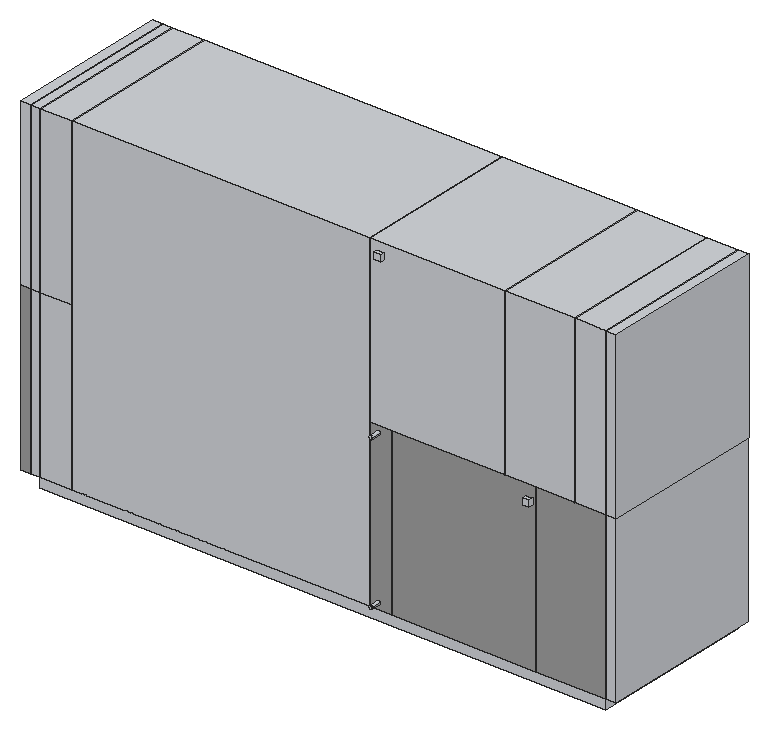
Revit family "Приточно-вытяжная система с рециркуляцией с пластинчатым рекуператор с водяным нагревом ", category Оборудование, Revit 2021
Family settings
  Размер круглого соединителя = Использовать диаметр
  Классификация = Нет
  Тип детали = Нормальный
  На основе рабочей плоскости = Нет
  Всегда вертикально = Да
  При загрузке вырезать с полостями = Нет
  Общий = Нет
  Точка принадлежности помещению = Нет
Parameters (values of type "13B")
  Ширина ГВ = ADSK_Размер_Ширина  # 2040 mm
  Сторона обслуживания [instance] = "Справа"
  Слив конденсата [instance] = 0 mm
  Подключение нагревателя G [instance] = 40 mm
  Подключение испарителя K [instance] = 0 mm
  Подключение испарителя E [instance] = 0 mm
  Отметка по умолчанию = 0 mm
  Мощность двигателя приточка [instance] = 11.0 kW
  Мощность двигателя вытяжка [instance] = 7.5 kW
  Длина секции пластинчатого рекуператора RX [instance] = 3680 mm
  Длина секции испарителя CF [instance] = 0 mm
  Длина секции вентилятора FA2 [instance] = 1775 mm
  Длина гибкой встаки = 125 mm
  Длина секции шумоглушения SL [instance] = 862 mm
  Длина секции нагревателя HW [instance] = 281 mm
  Длина клапана FC = 120 mm
  Длина секции вентилятора FA [instance] = 1675 mm
  Длина секции фильтра F [instance] = 390 mm
  Высота рамы = 120 mm
  Высота ГВ = ADSK_Размер_Высота  # 2040 mm
  ADSK_Частота вращения двигателя [instance] = 1465
  ADSK_Тип воздушного фильтра [instance] = "G3"
  ADSK_Свободный напор воздуха = 400.0 Pa
  ADSK_Расход теплоносителя [instance] = 0.69 m³/h
  ADSK_Расход воздуха приточный [instance] = 21000.0 m³/h
  ADSK_Расход воздуха вытяжной [instance] = 21000.0 m³/h
  ADSK_Размер_Ширина = 2040 mm
  ADSK_Размер_Высота = 2040 mm
  ADSK_Обозначение [instance] = "ПВ9.13"
  ADSK_Напряжение = 380 V
  ADSK_Наименование краткое [instance] = "13B"
  ADSK_Масса [instance] = 3522
Types (16, lengths in mm): name | Ширина ГВ | Подключение нагревателя G | Мощность двигателя приточка | Мощность двигателя вытяжка | Длина секции пластинчатого рекуператора RX | Длина секции вентилятора FA2 | Длина секции шумоглушения SL | Длина секции нагревателя HW | Длина секции вентилятора FA | Высота ГВ | ADSK_Частота вращения двигателя | ADSK_Расход теплоносителя | ADSK_Расход воздуха приточный | ADSK_Расход воздуха вытяжной | ADSK_Размер_Ширина | ADSK_Размер_Высота | ADSK_Обозначение | ADSK_Наименование краткое | ADSK_Масса
  1А | 850 | 20 | 0.55 kW | 0.55 kW | 1010 | 690 | 825 | 240 | 690 | 440 | 2835 | 0.31 m³/h | 1200.0 m³/h | 1200.0 m³/h | 850 | 440 | "ПВ9.1" | "1А" | 435
  2А | 980 | 20 | 0.75 kW | 0.75 kW | 1160 | 690 | 825 | 240 | 690 | 505 | 2805 | 0.37 m³/h | 2500.0 m³/h | 2500.0 m³/h | 980 | 505 | "ПВ9.2" | "2A" | 536
  16B | 2580 | 40 | 15.0 kW | 15.0 kW | 3680 | 1990 | 862 | 281 | 1990 | 2580 | 1460 | 1.0 m³/h | 31000.0 m³/h | 31000.0 m³/h | 2580 | 2580 | "ПВ9.16" | "16B" | 4548
  3A | 1080 | 20 | 1.1 kW | 1.1 kW | 1370 | 740 | 825 | 240 | 740 | 695 | 2830 | 0.66 m³/h | 3500.0 m³/h | 3500.0 m³/h | 1080 | 695 | "ПВ9.3" | "3А" | 658
  4A | 1360 | 20 | 2.2 kW | 2.2 kW | 1370 | 820 | 825 | 240 | 820 | 695 | 2880 | 0.85 m³/h | 4500.0 m³/h | 4500.0 m³/h | 1360 | 695 | "ПВ9.4" | "4A" | 765
  5A | 1360 | 20 | 2.2 kW | 2.2 kW | 1510 | 820 | 825 | 240 | 820 | 803 | 2880 | 0.41 m³/h | 5500.0 m³/h | 5500.0 m³/h | 1360 | 803 | "ПВ9.5" | "5A" | 896
  6A | 1580 | 20 | 3.0 kW | 3.0 kW | 1720 | 850 | 825 | 240 | 850 | 803 | 2905 | 0.78 m³/h | 6500.0 m³/h | 6500.0 m³/h | 1580 | 803 | "ПВ9.6" | "6A" | 1017
  7A | 1580 | 20 | 4.0 kW | 4.0 kW | 1720 | 900 | 825 | 240 | 900 | 990 | 2945 | 0.88 m³/h | 7500.0 m³/h | 7500.0 m³/h | 1580 | 990 | "ПВ9.7" | "7A" | 1147
  8A | 1950 | 20 | 4.0 kW | 4.0 kW | 1720 | 1250 | 825 | 240 | 1250 | 990 | 2945 | 1.02 m³/h | 8500.0 m³/h | 8500.0 m³/h | 1950 | 990 | "ПВ9.8" | "8A" | 1354
  9A | 2160 | 20 | 4.0 kW | 4.0 kW | 2010 | 1275 | 825 | 240 | 1275 | 1095 | 1460 | 0.33 m³/h | 10000.0 m³/h | 10000.0 m³/h | 2160 | 1095 | "ПВ9.9" | "9A" | 1760
  10B | 2040 | 25 | 5.5 kW | 5.5 kW | 2755 | 1635 | 862 | 280 | 1635 | 1360 | 1465 | 0.8 m³/h | 15000.0 m³/h | 15000.0 m³/h | 2040 | 1360 | "ПВ9.10" | "10B" | 2428
  12B | 2040 | 25 | 7.5 kW | 7.5 kW | 3680 | 1635 | 862 | 280 | 1635 | 1680 | 1465 | 0.53 m³/h | 19000.0 m³/h | 19000.0 m³/h | 2040 | 1680 | "ПВ9.12" | "12B" | 3090
  11B | 2580 | 25 | 5.5 kW | 5.5 kW | 2755 | 1635 | 862 | 280 | 1635 | 1360 | 1465 | 0.87 m³/h | 17000.0 m³/h | 17000.0 m³/h | 2580 | 1360 | "ПВ9.11" | "11B" | 2787
  13B | 2040 | 40 | 11.0 kW | 7.5 kW | 3680 | 1775 | 862 | 281 | 1675 | 2040 | 1465 | 0.69 m³/h | 21000.0 m³/h | 21000.0 m³/h | 2040 | 2040 | "ПВ9.13" | "13B" | 3522
  14B | 2580 | 32 | 11.0 kW | 11.0 kW | 3680 | 1945 | 862 | 280 | 1945 | 1680 | 1470 | 1.26 m³/h | 24000.0 m³/h | 24000.0 m³/h | 2580 | 1680 | "ПВ9.14" | "14B" | 3539
  15B | 2580 | 32 | 15.0 kW | 15.0 kW | 3680 | 1945 | 862 | 280 | 1945 | 2040 | 1460 | 0.89 m³/h | 27000.0 m³/h | 27000.0 m³/h | 2580 | 2040 | "ПВ9.15" | "15B" | 4127
Reference planes
  plane 1 "По центру (Вперед/Назад)": y = 0
  plane 2: z = -120
  plane 3 "По центру (Влево/Вправо)": x = 0
  plane 4 "Ширина": y = -2040
  plane 5: x = 4315
  plane 6 "Высота": z = 1920
  plane 7: x = 4596
  plane 8: x = 6371
  plane 9: x = 7233
  plane 10: x = 125
  plane 11: x = 0
  plane 12: x = 7233
  plane 13: z = -120
  plane 14: z = -120
  plane 15: x = 7358
  plane 16: x = 125
  plane 17 "клапан": x = 245
  plane 18 "Рама": z = -240
  plane 19: z = 3960
  plane 20: x = 5990
  plane 21: x = 6852
  plane 22: x = 7242
  plane 23: x = 4315
  plane 24: x = 7367
  plane 25: x = 635
Forms (mm)
  Extrusion 1, solid, material "По умолчанию"
    sketch origin (790, 0, 0) x (1, 0, 0) y (0, 0, 1)
      loop
        line (3525, -120) -> (3806, -120) -> (3806, 1920) -> (3525, 1920) -> (3525, -120)
    from 0 to 2040 <- "ADSK_Размер_Ширина"
  Extrusion 2, solid, material "По умолчанию"
    sketch origin (1310, 0, 0) x (1, 0, 0) y (0, 0, 1)
      loop
        line (3286, -120) -> (5061, -120) -> (5061, 1920) -> (3286, 1920) -> (3286, -120)
    from 0 to 2040 <- "ADSK_Размер_Ширина"
  Extrusion 3, solid, material "По умолчанию"
    sketch origin (1970, 0, 0) x (1, 0, 0) y (0, 0, 1)
      loop
        line (4401, -120) -> (5263, -120) -> (5263, 1920) -> (4401, 1920) -> (4401, -120)
    from 0 to 2040 <- "ADSK_Размер_Ширина"
  Extrusion 4, solid, material "По умолчанию"
    sketch origin (-570, 0, 0) x (1, 0, 0) y (0, 0, 1)
      loop
        line (695, 1920) -> (570, 1920) -> (570, -120) -> (695, -120) -> (695, 1920)
    from 0 to 2040 <- "Ширина ГВ"
  Extrusion 5, solid
    sketch origin (1010, -2040, 0) x (1, 0, 0) y (0, 0, 1)
      loop
        circle (3420, -40) r 20
      loop
        circle (3420, 1840) r 20
    from 0 to 120
  Extrusion 6, solid
    sketch origin (1300, -850, 0) x (1, 0, 0) y (0, 0, 1)
      loop
        line (4949.169, 1785) -> (4949.169, 1705) -> (5029.169, 1705) -> (5029.169, 1785) -> (4949.169, 1785)
    from 1190 to 1240
  Extrusion 7, solid
    sketch origin (400, 0, 0) x (1, 0, 0) y (0, 0, 1)
      loop
        line (6958, -120) -> (6958, 1920) -> (6833, 1920) -> (6833, -120) -> (6958, -120)
    from 0 to 2040 <- "Ширина ГВ"
  Extrusion 8, solid
    sketch origin (0, -2040, 0) x (-1, 0, 0) y (0, 0, 1)
      loop
        line (-125, -120) -> (-125, 1920) -> (-245, 1920) -> (-245, -120) -> (-125, -120)
    from 0 to 2040 <- "ADSK_Размер_Ширина"
  Extrusion 9, solid
    sketch origin (0, 0, 0) x (1, 0, 0) y (0, 0, 1)
      loop
        line (245, -240) -> (7233, -240) -> (7233, -120) -> (245, -120) -> (245, -240)
    from 0 to 2040 <- "ADSK_Размер_Ширина"
  Extrusion 10, solid
    sketch origin (0, 0, 0) x (1, 0, 0) y (0, 0, 1)
      loop
        line (0, 3960) -> (0, 1920) -> (125, 1920) -> (125, 3960) -> (0, 3960)
    from 0 to 2040 <- "ADSK_Размер_Ширина"
  Extrusion 11, solid
    sketch origin (0, 0, 0) x (1, 0, 0) y (0, 0, 1)
      loop
        line (125, 3960) -> (125, 1920) -> (245, 1920) -> (245, 3960) -> (125, 3960)
    from 0 to 2040 <- "ADSK_Размер_Ширина"
  Extrusion 12, solid
    sketch origin (400, 0, 0) x (1, 0, 0) y (0, 0, 1)
      loop
        line (3915, 3960) -> (3915, 1920) -> (5590, 1920) -> (5590, 3960) -> (3915, 3960)
    from 0 to 2040 <- "ADSK_Размер_Ширина"
  Extrusion 13, solid
    sketch origin (0, 0, 0) x (1, 0, 0) y (0, 0, 1)
      loop
        line (635, -120) -> (4315, -120) -> (4315, 3960) -> (635, 3960) -> (635, -120)
    from 0 to 2040 <- "ADSK_Размер_Ширина"
  Extrusion 14, solid
    sketch origin (0, 0, 0) x (1, 0, 0) y (0, 0, 1)
      loop
        line (5990, 3960) -> (5990, 1920) -> (6852, 1920) -> (6852, 3960) -> (5990, 3960)
    from 0 to 2040 <- "ADSK_Размер_Ширина"
  Extrusion 15, solid
    sketch origin (0, 0, 0) x (1, 0, 0) y (0, 0, 1)
      loop
        line (6852, 3960) -> (6852, 1920) -> (7242, 1920) -> (7242, 3960) -> (6852, 3960)
    from 0 to 2040 <- "ADSK_Размер_Ширина"
  Extrusion 16, solid
    sketch origin (0, 0, 0) x (1, 0, 0) y (0, 0, 1)
      loop
        line (7242, 3960) -> (7242, 1920) -> (7367, 1920) -> (7367, 3960) -> (7242, 3960)
    from 0 to 2040 <- "ADSK_Размер_Ширина"
  Extrusion 17, solid
    sketch origin (588.065, -850, 517.251) x (1, 0, 0) y (0, 0, 1)
      loop
        line (3826.935, 3342.749) -> (3826.935, 3262.749) -> (3906.935, 3262.749) -> (3906.935, 3342.749) -> (3826.935, 3342.749)
    from 0 to 1240
  Extrusion 18, solid
    sketch origin (0, 0, 0) x (1, 0, 0) y (0, 0, 1)
      loop
        line (245, 1920) -> (245, -120) -> (635, -120) -> (635, 1920) -> (245, 1920)
    from 0 to 2040 <- "ADSK_Размер_Ширина"
  Extrusion 19, solid
    sketch origin (0, 0, 0) x (1, 0, 0) y (0, 0, 1)
      loop
        line (245, 3960) -> (245, 1920) -> (635, 1920) -> (635, 3960) -> (245, 3960)
    from 0 to 2040 <- "ADSK_Размер_Ширина"
Dimensions and locks
  "ADSK_Размер_Высота": level to plane 6 "Высота"
  "Длина секции нагревателя HW": plane 7 to plane 5
  "Длина секции вентилятора FA2": plane 8 to plane 7
  "Длина секции шумоглушения SL": plane 9 to plane 8
  Extrusion 2 sketch curve to Extrusion 2 sketch curve = 2040 mm
  "ADSK_Размер_Ширина": plane 1 "По центру (Вперед/Назад)" to plane 4 "Ширина"
  "Длина гибкой встаки": plane 10 to plane 11
  locked: plane 6 "Высота" to Extrusion 5 sketch curve at 80
  locked: Extrusion 5 sketch curve to level at 80
  equal spacing: plane 7, Extrusion 5 sketch curve, plane 5  (x2)
  locked: Extrusion 6 sketch curve to Extrusion 6 sketch curve at 80  (x2)
  locked: plane 6 "Высота" to Extrusion 6 sketch curve at 135
  plane 8 to Extrusion 6 sketch curve = 41.831 mm
  locked: plane 4 "Ширина" to Extrusion 6 at 50
  "Высота ГВ": Extrusion 4 sketch curve to Extrusion 4 sketch curve
  "Длина гибкой встаки": plane 15 to plane 12
  "Высота ГВ": Extrusion 7 sketch curve to Extrusion 7 sketch curve
  Extrusion 7 sketch curve to level = 0 mm
  "Длина клапана FC": plane 17 "клапан" to plane 16
  Extrusion 4 to Extrusion 8 to Extrusion 8 to Extrusion 18 to Extrusion 1 to Extrusion 2 to Extrusion 3 to Extrusion 7 to Extrusion 7 = 125 mm, 120 mm, 390 mm, 3680 mm, 281 mm, 1775 mm, 862 mm, 125 mm
  "ADSK_Размер_Высота": plane 19 to plane 6 "Высота"
  "Длина секции пластинчатого рекуператора RX": plane 23 to plane 25
  "Длина секции вентилятора FA": plane 20 to plane 23
  "Длина секции шумоглушения SL": plane 21 to plane 20
  "Длина секции фильтра F": plane 22 to plane 21
  "Длина гибкой встаки": plane 24 to plane 22
  Extrusion 10 to Extrusion 11 = 125 mm
  Extrusion 11 to Extrusion 19 to Extrusion 13 = 120 mm, 390 mm
  Extrusion 13 to Extrusion 13 = 3680 mm
  Extrusion 13 to Extrusion 14 = 1675 mm
  Extrusion 14 to Extrusion 15 = 862 mm
  Extrusion 15 to Extrusion 16 = 390 mm
  Extrusion 16 to Extrusion 16 = 125 mm
  locked: Extrusion 17 sketch curve to Extrusion 17 sketch curve at 80  (x2)
  plane 19 to Extrusion 17 sketch curve = 100 mm
  Extrusion 17 sketch curve to plane 23 = 100 mm
  "Длина секции фильтра F": plane 25 to plane 17 "клапан"
  Extrusion 9 to Extrusion 9 = 2040 mm
  Extrusion 16 to Extrusion 16 = 2040 mm
  Extrusion 16 to Extrusion 7 = 2040 mm
  Extrusion 16 to Extrusion 7 = 4080 mm
  "Подключение нагревателя G": diameter of Extrusion 5 sketch curve  (x2)
  aligned and locked: level to plane 2
  aligned and locked: plane 7 to Extrusion 1
  aligned and locked: plane 8 to Extrusion 2
  aligned and locked: plane 9 to Extrusion 3
  aligned and locked: Extrusion 2 to plane 7
  aligned and locked: Extrusion 3 to plane 8
  aligned and locked: level to Extrusion 1
  aligned and locked: level to Extrusion 2
  aligned and locked: level to Extrusion 3
  aligned and locked: Extrusion 6 to plane 4 "Ширина"
  aligned and locked: plane 10 to Extrusion 4 sketch curve
  aligned and locked: Extrusion 4 sketch curve to plane 11
  aligned and locked: Extrusion 7 sketch curve to plane 15
  aligned and locked: plane 12 to Extrusion 7 sketch curve
  aligned and locked: level to Extrusion 4 sketch curve
  aligned and locked: plane 9 to plane 12
  aligned and locked: Extrusion 4 to Extrusion 8 sketch curve
  aligned and locked: Extrusion 8 sketch curve to Extrusion 4
  aligned and locked: Extrusion 9 sketch curve to plane 18 "Рама"
  aligned and locked: Extrusion 9 sketch curve to level
  aligned and locked: Extrusion 9 sketch curve to plane 17 "клапан"
  aligned and locked: plane 9 to Extrusion 9 sketch curve
  aligned and locked: Extrusion 10 sketch curve to plane 19
  aligned and locked: plane 11 to Extrusion 10 sketch curve
  aligned and locked: Extrusion 10 sketch curve to plane 16
  aligned and locked: plane 6 "Высота" to Extrusion 10 sketch curve
  aligned and locked: Extrusion 11 sketch curve to plane 19
  aligned and locked: Extrusion 11 sketch curve to plane 17 "клапан"
  aligned and locked: plane 6 "Высота" to Extrusion 11 sketch curve
  aligned and locked: plane 16 to Extrusion 11 sketch curve
  aligned and locked: plane 19 to Extrusion 12 sketch curve
  aligned and locked: Extrusion 12 sketch curve to plane 6 "Высота"
  aligned and locked: Extrusion 12 sketch curve to plane 20
  aligned and locked: plane 23 to Extrusion 12 sketch curve
  aligned and locked: Extrusion 13 sketch curve to plane 19
  aligned and locked: Extrusion 13 sketch curve to level
  aligned and locked: plane 23 to Extrusion 13 sketch curve
  aligned and locked: plane 16 to plane 10
  aligned and locked: plane 17 "клапан" to Extrusion 8 sketch curve
  aligned and locked: Extrusion 14 sketch curve to plane 6 "Высота"
  aligned and locked: Extrusion 14 sketch curve to plane 21
  aligned and locked: plane 19 to Extrusion 14 sketch curve
  aligned and locked: plane 20 to Extrusion 14 sketch curve
  aligned and locked: Extrusion 15 sketch curve to plane 22
  aligned and locked: plane 19 to Extrusion 15 sketch curve
  aligned and locked: Extrusion 15 sketch curve to plane 6 "Высота"
  aligned and locked: plane 21 to Extrusion 15 sketch curve
  aligned and locked: Extrusion 16 sketch curve to plane 24
  aligned and locked: plane 19 to Extrusion 16 sketch curve
  aligned and locked: Extrusion 16 sketch curve to plane 6 "Высота"
  aligned and locked: plane 22 to Extrusion 16 sketch curve
  aligned and locked: Extrusion 17 to Extrusion 6
  aligned and locked: plane 11 to plane 3 "По центру (Влево/Вправо)"
  aligned and locked: Extrusion 13 sketch curve to plane 25
  aligned and locked: level to Extrusion 18 sketch curve
  aligned and locked: plane 17 "клапан" to Extrusion 18 sketch curve
  aligned and locked: Extrusion 18 sketch curve to plane 6 "Высота"
  aligned and locked: Extrusion 18 sketch curve to plane 25
  aligned and locked: plane 6 "Высота" to Extrusion 19 sketch curve
  aligned and locked: Extrusion 19 sketch curve to plane 25
  aligned and locked: Extrusion 19 sketch curve to plane 19
  aligned and locked: plane 17 "клапан" to Extrusion 19 sketch curve
  aligned and locked: plane 23 to plane 5
  aligned and locked: Extrusion 3 sketch curve to plane 6 "Высота"
  aligned and locked: Extrusion 2 sketch curve to plane 6 "Высота"
  aligned and locked: Extrusion 1 sketch curve to plane 6 "Высота"
Automatic sketch dimensions
  Extrusion 1 sketch curve to plane 5 = 0 mm
  Extrusion 1 sketch curve to plane 7 = 0 mm
  Extrusion 2 sketch curve to plane 7 = 0 mm
  Extrusion 2 sketch curve to plane 8 = 0 mm
  Extrusion 3 sketch curve to plane 8 = 0 mm
  Extrusion 3 sketch curve to plane 9 = 0 mm
  Extrusion 5 sketch curve to Extrusion 1 = 115 mm  (x2)
  Extrusion 8 sketch curve to plane 6 "Высота" = 0 mm
  Extrusion 3 sketch curve to level = 0 mm
  Extrusion 1 sketch curve to level = 0 mm
Connectors
  electrical at (6289.169, -2090, 1745), driven by "Мощность двигателя приточка"
    settings: on Extrusion 6, index 3, voltage 380 V, apparent load 0.0 kW, apparent load phase1 11.0 kW, apparent load phase2 0.0 kW, apparent load phase3 0.0 kW, power factor 1, load classification "Прочее", number of poles 1, system type 31, power factor state 1, is connector primary yes, connector utility yes, sub classification motor yes, connector description ""
  hvac at (0, -1020, 900), driven by "Высота ГВ", driven by "Ширина ГВ", driven by "ADSK_Расход воздуха приточный"
    settings: on Extrusion 4, index 4, duct flow 21000.0 m³/h, flow factor 0, pres drop 0.0 Pa, loss coef 0, conn angle 0.00°, conn width 2040 mm, conn height 2040 mm, conn diameter 609.6 mm, duct sys type 1, conn prof type 1, flow config 0, flow direction 2, loss method 0, conn ref index -1, conn util yes, is conn primary yes, conn desc ""
  hvac at (7358, -1020, 900), driven by "Высота ГВ", driven by "Ширина ГВ", driven by "ADSK_Расход воздуха приточный"
    settings: on Extrusion 7, index 5, duct flow 21000.0 m³/h, flow factor 0, pres drop 0.0 Pa, loss coef 0, conn angle 0.00°, conn width 2040 mm, conn height 2040 mm, conn diameter 609.6 mm, duct sys type 1, conn prof type 1, flow config 0, flow direction 1, loss method 0, conn ref index -1, conn util yes, is conn primary no, conn desc ""
  piping at (4430, -2160, 1840), diameter 40, driven by "Подключение нагревателя G", driven by "ADSK_Расход теплоносителя"
    settings: on Extrusion 5, index 6, connector inside diameter 609.6 mm, connector length 0 mm, flow factor 0, pipe flow 0.69 m³/h, pressure drop 0.0 Pa, fitting loss kfactor 0, connector angle 0.00°, fixture units 0, engagement length 0 mm, angle of deflection 0.00°, flow configuration 0, flow direction 0, fitting loss method 0, system type 19, joint type 0, gender type 0, connector reference index -1, connector utility 0, adjustable connector no, is connector primary yes, connector description ""
  piping at (4430, -2160, -40), diameter 40, driven by "Подключение нагревателя G", driven by "ADSK_Расход теплоносителя"
    settings: on Extrusion 5, index 7, connector inside diameter 609.6 mm, connector length 0 mm, flow factor 0, pipe flow 0.69 m³/h, pressure drop 0.0 Pa, fitting loss kfactor 0, connector angle 0.00°, fixture units 0, engagement length 0 mm, angle of deflection 0.00°, flow configuration 0, flow direction 0, fitting loss method 0, system type 19, joint type 0, gender type 0, connector reference index -1, connector utility 0, adjustable connector no, is connector primary no, connector description ""
  electrical at (4455, -2090, 3820), driven by "Мощность двигателя вытяжка"
    settings: on Extrusion 17, index 8, voltage 380 V, apparent load 0.0 kW, apparent load phase1 7.5 kW, apparent load phase2 0.0 kW, apparent load phase3 0.0 kW, power factor 1, load classification "Прочее", number of poles 1, system type 31, power factor state 1, is connector primary no, connector utility yes, sub classification motor yes, connector description ""
  hvac at (0, -1020, 2940), driven by "ADSK_Размер_Высота", driven by "ADSK_Размер_Ширина", driven by "ADSK_Расход воздуха вытяжной"
    settings: on Extrusion 10, index 9, duct flow 21000.0 m³/h, flow factor 0, pres drop 0.0 Pa, loss coef 0, conn angle 0.00°, conn width 2040 mm, conn height 2040 mm, conn diameter 609.6 mm, duct sys type 3, conn prof type 1, flow config 0, flow direction 0, loss method 0, conn ref index -1, conn util no, is conn primary no, conn desc ""
  hvac at (7367, -1020, 2940), driven by "ADSK_Размер_Высота", driven by "ADSK_Размер_Ширина", driven by "ADSK_Расход воздуха вытяжной"
    settings: on Extrusion 16, index 10, duct flow 21000.0 m³/h, flow factor 0, pres drop 0.0 Pa, loss coef 0, conn angle 0.00°, conn width 2040 mm, conn height 2040 mm, conn diameter 609.6 mm, duct sys type 3, conn prof type 1, flow config 0, flow direction 0, loss method 0, conn ref index -1, conn util no, is conn primary no, conn desc ""
